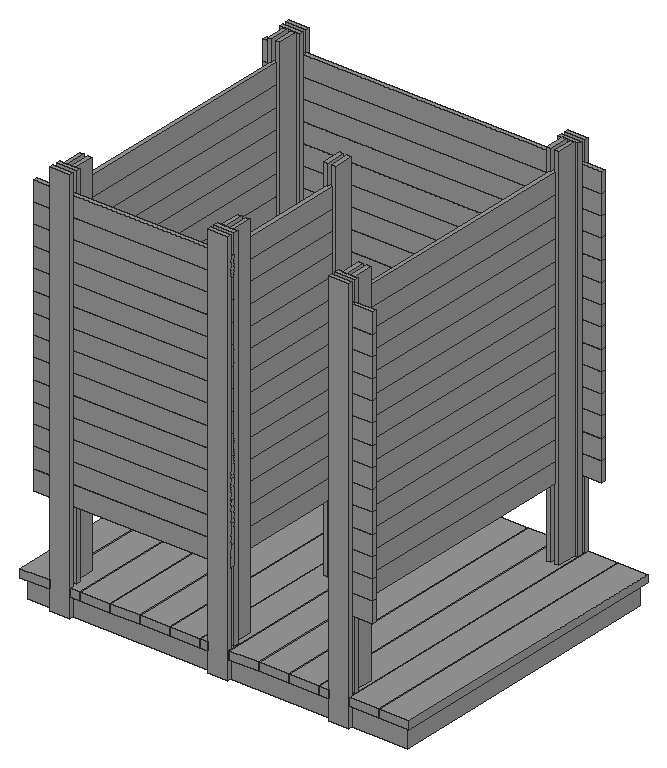
Revit family "11837 Пляжная раздевалка «Комфорт» Хоббика", category Антураж, Revit 2018
Family settings
  На основе рабочей плоскости = Нет
  Всегда вертикально = Да
  При загрузке вырезать с полостями = Нет
  Источник визуального образа = Геометрия семейства
  Общий = Нет
  Точка расчета площади = Нет
Parameters (values of type "Пляжная раздевалка «Комфорт»")
  Ширина = 1500 mm  # constant formula
  Цвет отделки = Ангарская сосна светлая
  Цвет основания = Ангарская сосна темная
  Цвет опор = Сталь
  Описание = "Пляжная раздевалка «Комфорт». Версия Ангарская сосна 2,0 м"  # constant formula
  Материал изделия = "Сталь, дерево"  # constant formula
  Изображение типоразмера = Пляжная раздевалка «Комфорт» Арт 11837.jpg
  Изготовитель = "ООО «Хоббика»"  # constant formula
  Длина = 1950 mm  # constant formula
  Группа модели = "Лежаки и шезлонги"  # constant formula
  Высота = 2000 mm  # constant formula
  Артикул товара = "Арт. 11837"  # constant formula
  URL = "https://hobbyka.ru/product/plyazhnaya_razdevalka_komfort"
Reference planes
  plane 1 "По центру (Вперед/Назад)": y = 0
  plane 2: z = 0
  plane 3 "По центру (Влево/Вправо)": x = 0
  plane 4: x = 1950
  plane 5: y = 1500
  plane 6: z = 2000
Forms (mm)
  Extrusion 1, solid, material "Ангарская сосна темная" <- "Цвет основания"
    sketch origin (0, 0, 0) x (1, 0, 0) y (0, 1, 0)
      loop
        line (0, 1500) -> (0, 0) -> (150, 0) -> (150, 1500) -> (0, 1500)
    from 100 to 140
  Extrusion 2, solid, material "Ангарская сосна темная" <- "Цвет основания"
    sketch origin (150, 0, 0) x (1, 0, 0) y (0, 1, 0)
      loop
        line (100, 1500) -> (100, 1480) -> (0, 1480) -> (0, 20) -> (100, 20) -> (100, 0) -> (150, 0) -> (150, 1500) -> (100, 1500)
    from 100 to 140
  Extrusion 3, solid, material "Ангарская сосна темная" <- "Цвет основания"
    sketch origin (300, 0, 0) x (1, 0, 0) y (0, 1, 0)
      loop
        line (0, 1500) -> (0, 0) -> (150, 0) -> (150, 1500) -> (0, 1500)
    from 100 to 140
  Extrusion 4, solid, material "Ангарская сосна темная" <- "Цвет основания"
    sketch origin (450, 0, 0) x (1, 0, 0) y (0, 1, 0)
      loop
        line (0, 1500) -> (0, 0) -> (150, 0) -> (150, 1500) -> (0, 1500)
    from 100 to 140
  Extrusion 5, solid, material "Ангарская сосна темная" <- "Цвет основания"
    sketch origin (600, 0, 0) x (1, 0, 0) y (0, 1, 0)
      loop
        line (0, 1500) -> (0, 0) -> (150, 0) -> (150, 1500) -> (0, 1500)
    from 100 to 140
  Extrusion 6, solid, material "Ангарская сосна темная" <- "Цвет основания"
    sketch origin (750, 0, 0) x (1, 0, 0) y (0, 1, 0)
      loop
        line (0, 1500) -> (0, 0) -> (150, 0) -> (150, 1500) -> (0, 1500)
    from 100 to 140
  Extrusion 7, solid, material "Ангарская сосна темная" <- "Цвет основания"
    sketch origin (900, 0, 0) x (1, 0, 0) y (0, 1, 0)
      loop
        line (0, 1500) -> (0, 0) -> (42.697, 0) -> (42.697, 20) -> (142.697, 20) -> (142.697, 0) -> (150, 0) -> (150, 1500) -> (0, 1500)
    from 100 to 140
  Extrusion 8, solid, material "Ангарская сосна темная" <- "Цвет основания"
    sketch origin (1050, 0, 0) x (1, 0, 0) y (0, 1, 0)
      loop
        line (0, 1500) -> (0, 0) -> (150, 0) -> (150, 1500) -> (0, 1500)
    from 100 to 140
  Extrusion 9, solid, material "Ангарская сосна темная" <- "Цвет основания"
    sketch origin (1200, 0, 0) x (1, 0, 0) y (0, 1, 0)
      loop
        line (0, 1500) -> (0, 0) -> (150, 0) -> (150, 1500) -> (0, 1500)
    from 100 to 140
  Extrusion 10, solid, material "Ангарская сосна темная" <- "Цвет основания"
    sketch origin (1350, 0, 0) x (1, 0, 0) y (0, 1, 0)
      loop
        line (0, 1500) -> (0, 0) -> (150, 0) -> (150, 1500) -> (0, 1500)
    from 100 to 140
  Extrusion 11, solid, material "Ангарская сосна темная" <- "Цвет основания"
    sketch origin (1500, 0, 0) x (1, 0, 0) y (0, 1, 0)
      loop
        line (0, 1500) -> (0, 0) -> (50, 0) -> (50, 20) -> (150, 20) -> (150, 1480) -> (50, 1480) -> (50, 1500) -> (0, 1500)
    from 100 to 140
  Extrusion 12, solid, material "Ангарская сосна темная" <- "Цвет основания"
    sketch origin (1650, 0, 0) x (1, 0, 0) y (0, 1, 0)
      loop
        line (0, 1500) -> (0, 0) -> (150, 0) -> (150, 1500) -> (0, 1500)
    from 100 to 140
  Extrusion 13, solid, material "Ангарская сосна темная" <- "Цвет основания"
    sketch origin (1800, 0, 0) x (1, 0, 0) y (0, 1, 0)
      loop
        line (0, 1500) -> (0, 0) -> (150, 0) -> (150, 1500) -> (0, 1500)
    from 100 to 140
  Extrusion 14, solid, material "Ангарская сосна светлая" <- "Цвет отделки"
    sketch origin (0, 0, 0) x (1, 0, 0) y (0, 1, 0)
      loop
        line (20, 1480) -> (20, 20) -> (1930, 20) -> (1930, 1480) -> (20, 1480)
    from 0 to 100
  Extrusion 15, solid, material "Сталь" <- "Цвет опор"
    sketch origin (0, 0, 0) x (1, 0, 0) y (0, 1, 0)
      loop
        line (150, 1500) -> (150, 1480) -> (250, 1480) -> (250, 1500) -> (150, 1500)
      loop
        line (1550, 1500) -> (1550, 1480) -> (1650, 1480) -> (1650, 1500) -> (1550, 1500)
      loop
        line (1550, 20) -> (1550, 0) -> (1650, 0) -> (1650, 20) -> (1550, 20)
      loop
        line (942.697, 20) -> (942.697, 0) -> (1042.697, 0) -> (1042.697, 20) -> (942.697, 20)
      loop
        line (150, 20) -> (150, 0) -> (250, 0) -> (250, 20) -> (150, 20)
    from 0 to 2000
  Extrusion 16, solid, material "Сталь" <- "Цвет опор"
    sketch origin (0, 0, 0) x (1, 0, 0) y (0, 1, 0)
      loop
        line (150, 1460) -> (150, 1440) -> (250, 1440) -> (250, 1460) -> (150, 1460)
      loop
        line (150, 60) -> (150, 40) -> (250, 40) -> (250, 60) -> (150, 60)
      loop
        line (942.697, 60) -> (942.697, 40) -> (1042.697, 40) -> (1042.697, 60) -> (942.697, 60)
      loop
        line (1550, 60) -> (1550, 40) -> (1650, 40) -> (1650, 60) -> (1550, 60)
      loop
        line (1550, 1460) -> (1550, 1440) -> (1650, 1440) -> (1650, 1460) -> (1550, 1460)
    from 140 to 2000
  Extrusion 17, solid, material "Сталь" <- "Цвет опор"
    sketch origin (0, 0, 0) x (1, 0, 0) y (0, 1, 0)
      loop
        line (170, 1440) -> (170, 1340) -> (190, 1340) -> (190, 1440) -> (170, 1440)
      loop
        line (210, 1440) -> (210, 1340) -> (230, 1340) -> (230, 1440) -> (210, 1440)
      loop
        line (170, 160) -> (170, 60) -> (190, 60) -> (190, 160) -> (170, 160)
      loop
        line (210, 160) -> (210, 60) -> (230, 60) -> (230, 160) -> (210, 160)
      loop
        line (962.697, 160) -> (962.697, 60) -> (982.697, 60) -> (982.697, 160) -> (962.697, 160)
      loop
        line (1002.697, 160) -> (1002.697, 60) -> (1022.697, 60) -> (1022.697, 160) -> (1002.697, 160)
      loop
        line (962.697, 800) -> (962.697, 700) -> (982.697, 700) -> (982.697, 800) -> (962.697, 800)
      loop
        line (1002.697, 800) -> (1002.697, 700) -> (1022.697, 700) -> (1022.697, 800) -> (1002.697, 800)
      loop
        line (1572.697, 160) -> (1572.697, 60) -> (1592.697, 60) -> (1592.697, 160) -> (1572.697, 160)
      loop
        line (1612.697, 160) -> (1612.697, 60) -> (1632.697, 60) -> (1632.697, 160) -> (1612.697, 160)
      loop
        line (1572.697, 1440) -> (1572.697, 1340) -> (1592.697, 1340) -> (1592.697, 1440) -> (1572.697, 1440)
      loop
        line (1612.697, 1440) -> (1612.697, 1340) -> (1632.697, 1340) -> (1632.697, 1440) -> (1612.697, 1440)
    from 140 to 2000
  Extrusion 18, solid, material "Ангарская сосна светлая" <- "Цвет отделки"
    sketch origin (0, 0, 0) x (0, 1, 0) y (0, 0, 1)
      loop
        line (1460, 600) -> (1460, 500) -> (1480, 500) -> (1480, 600) -> (1460, 600)
    from 52.697 to 1752.697
  Extrusion 19, solid, material "Ангарская сосна светлая" <- "Цвет отделки"
    sketch origin (0, 0, 100) x (0, 1, 0) y (0, 0, 1)
      loop
        line (1460, 600) -> (1460, 500) -> (1480, 500) -> (1480, 600) -> (1460, 600)
    from 52.697 to 1752.697
  Extrusion 20, solid, material "Ангарская сосна светлая" <- "Цвет отделки"
    sketch origin (0, 0, 200) x (0, 1, 0) y (0, 0, 1)
      loop
        line (1460, 600) -> (1460, 500) -> (1480, 500) -> (1480, 600) -> (1460, 600)
    from 52.697 to 1752.697
  Extrusion 21, solid, material "Ангарская сосна светлая" <- "Цвет отделки"
    sketch origin (0, 0, 300) x (0, 1, 0) y (0, 0, 1)
      loop
        line (1460, 600) -> (1460, 500) -> (1480, 500) -> (1480, 600) -> (1460, 600)
    from 52.697 to 1752.697
  Extrusion 22, solid, material "Ангарская сосна светлая" <- "Цвет отделки"
    sketch origin (0, 0, 400) x (0, 1, 0) y (0, 0, 1)
      loop
        line (1460, 600) -> (1460, 500) -> (1480, 500) -> (1480, 600) -> (1460, 600)
    from 52.697 to 1752.697
  Extrusion 23, solid, material "Ангарская сосна светлая" <- "Цвет отделки"
    sketch origin (0, 0, 500) x (0, 1, 0) y (0, 0, 1)
      loop
        line (1460, 600) -> (1460, 500) -> (1480, 500) -> (1480, 600) -> (1460, 600)
    from 52.697 to 1752.697
  Extrusion 24, solid, material "Ангарская сосна светлая" <- "Цвет отделки"
    sketch origin (0, 0, 600) x (0, 1, 0) y (0, 0, 1)
      loop
        line (1460, 600) -> (1460, 500) -> (1480, 500) -> (1480, 600) -> (1460, 600)
    from 52.697 to 1752.697
  Extrusion 25, solid, material "Ангарская сосна светлая" <- "Цвет отделки"
    sketch origin (0, 0, 700) x (0, 1, 0) y (0, 0, 1)
      loop
        line (1460, 600) -> (1460, 500) -> (1480, 500) -> (1480, 600) -> (1460, 600)
    from 52.697 to 1752.697
  Extrusion 26, solid, material "Ангарская сосна светлая" <- "Цвет отделки"
    sketch origin (0, 0, 800) x (0, 1, 0) y (0, 0, 1)
      loop
        line (1460, 600) -> (1460, 500) -> (1480, 500) -> (1480, 600) -> (1460, 600)
    from 52.697 to 1752.697
  Extrusion 27, solid, material "Ангарская сосна светлая" <- "Цвет отделки"
    sketch origin (0, 0, 900) x (0, 1, 0) y (0, 0, 1)
      loop
        line (1460, 600) -> (1460, 500) -> (1480, 500) -> (1480, 600) -> (1460, 600)
    from 52.697 to 1752.697
  Extrusion 28, solid, material "Ангарская сосна светлая" <- "Цвет отделки"
    sketch origin (0, 0, 1000) x (0, 1, 0) y (0, 0, 1)
      loop
        line (1460, 600) -> (1460, 500) -> (1480, 500) -> (1480, 600) -> (1460, 600)
    from 52.697 to 1752.697
  Extrusion 29, solid, material "Ангарская сосна светлая" <- "Цвет отделки"
    sketch origin (0, 0, 1100) x (0, 1, 0) y (0, 0, 1)
      loop
        line (1460, 600) -> (1460, 500) -> (1480, 500) -> (1480, 600) -> (1460, 600)
    from 52.697 to 1752.697
  Extrusion 30, solid, material "Ангарская сосна светлая" <- "Цвет отделки"
    sketch origin (0, 0, 1200) x (0, 1, 0) y (0, 0, 1)
      loop
        line (1460, 600) -> (1460, 500) -> (1480, 500) -> (1480, 600) -> (1460, 600)
    from 52.697 to 1752.697
  Extrusion 31, solid, material "Ангарская сосна светлая" <- "Цвет отделки"
    sketch origin (0, 0, 1300) x (0, 1, 0) y (0, 0, 1)
      loop
        line (1460, 600) -> (1460, 500) -> (1480, 500) -> (1480, 600) -> (1460, 600)
    from 52.697 to 1752.697
  Extrusion 32, solid, material "Ангарская сосна светлая" <- "Цвет отделки"
    sketch origin (0, -1440, 1300) x (0, 1, 0) y (0, 0, 1)
      loop
        line (1460, 600) -> (1460, 500) -> (1480, 500) -> (1480, 600) -> (1460, 600)
    from 52.697 to 1042.697
  Extrusion 33, solid, material "Ангарская сосна светлая" <- "Цвет отделки"
    sketch origin (0, -1440, 1300) x (0, 1, 0) y (0, 0, 1)
      loop
        line (1460, 600) -> (1460, 500) -> (1480, 500) -> (1480, 600) -> (1460, 600)
    from 1550 to 1752.697
  Extrusion 34, solid, material "Ангарская сосна светлая" <- "Цвет отделки"
    sketch origin (1670, -312.697, 1300) x (-1, 0, 0) y (0, 0, 1)
      loop
        line (1460, 600) -> (1460, 500) -> (1480, 500) -> (1480, 600) -> (1460, 600)
    from 372.697 to 1752.697
  Extrusion 35, solid, material "Ангарская сосна светлая" <- "Цвет отделки"
    sketch origin (2462.697, -312.697, 1300) x (-1, 0, 0) y (0, 0, 1)
      loop
        line (1460, 600) -> (1460, 500) -> (1480, 500) -> (1480, 600) -> (1460, 600)
    from 372.697 to 1112.697
  Extrusion 36, solid, material "Ангарская сосна светлая" <- "Цвет отделки"
    sketch origin (0, -1440, 1200) x (0, 1, 0) y (0, 0, 1)
      loop
        line (1460, 600) -> (1460, 500) -> (1480, 500) -> (1480, 600) -> (1460, 600)
    from 52.697 to 1042.697
  Extrusion 37, solid, material "Ангарская сосна светлая" <- "Цвет отделки"
    sketch origin (0, -1440, 1200) x (0, 1, 0) y (0, 0, 1)
      loop
        line (1460, 600) -> (1460, 500) -> (1480, 500) -> (1480, 600) -> (1460, 600)
    from 1550 to 1752.697
  Extrusion 38, solid, material "Ангарская сосна светлая" <- "Цвет отделки"
    sketch origin (1670, -312.697, 1200) x (-1, 0, 0) y (0, 0, 1)
      loop
        line (1460, 600) -> (1460, 500) -> (1480, 500) -> (1480, 600) -> (1460, 600)
    from 372.697 to 1752.697
  Extrusion 39, solid, material "Ангарская сосна светлая" <- "Цвет отделки"
    sketch origin (2462.697, -312.697, 1200) x (-1, 0, 0) y (0, 0, 1)
      loop
        line (1460, 600) -> (1460, 500) -> (1480, 500) -> (1480, 600) -> (1460, 600)
    from 372.697 to 1112.697
  Extrusion 40, solid, material "Ангарская сосна светлая" <- "Цвет отделки"
    sketch origin (0, -1440, 1100) x (0, 1, 0) y (0, 0, 1)
      loop
        line (1460, 600) -> (1460, 500) -> (1480, 500) -> (1480, 600) -> (1460, 600)
    from 52.697 to 1042.697
  Extrusion 41, solid, material "Ангарская сосна светлая" <- "Цвет отделки"
    sketch origin (0, -1440, 1100) x (0, 1, 0) y (0, 0, 1)
      loop
        line (1460, 600) -> (1460, 500) -> (1480, 500) -> (1480, 600) -> (1460, 600)
    from 1550 to 1752.697
  Extrusion 42, solid, material "Ангарская сосна светлая" <- "Цвет отделки"
    sketch origin (1670, -312.697, 1100) x (-1, 0, 0) y (0, 0, 1)
      loop
        line (1460, 600) -> (1460, 500) -> (1480, 500) -> (1480, 600) -> (1460, 600)
    from 372.697 to 1752.697
  Extrusion 43, solid, material "Ангарская сосна светлая" <- "Цвет отделки"
    sketch origin (2462.697, -312.697, 1100) x (-1, 0, 0) y (0, 0, 1)
      loop
        line (1460, 600) -> (1460, 500) -> (1480, 500) -> (1480, 600) -> (1460, 600)
    from 372.697 to 1112.697
  Extrusion 44, solid, material "Ангарская сосна светлая" <- "Цвет отделки"
    sketch origin (0, -1440, 1000) x (0, 1, 0) y (0, 0, 1)
      loop
        line (1460, 600) -> (1460, 500) -> (1480, 500) -> (1480, 600) -> (1460, 600)
    from 52.697 to 1042.697
  Extrusion 45, solid, material "Ангарская сосна светлая" <- "Цвет отделки"
    sketch origin (0, -1440, 1000) x (0, 1, 0) y (0, 0, 1)
      loop
        line (1460, 600) -> (1460, 500) -> (1480, 500) -> (1480, 600) -> (1460, 600)
    from 1550 to 1752.697
  Extrusion 46, solid, material "Ангарская сосна светлая" <- "Цвет отделки"
    sketch origin (1670, -312.697, 1000) x (-1, 0, 0) y (0, 0, 1)
      loop
        line (1460, 600) -> (1460, 500) -> (1480, 500) -> (1480, 600) -> (1460, 600)
    from 372.697 to 1752.697
  Extrusion 47, solid, material "Ангарская сосна светлая" <- "Цвет отделки"
    sketch origin (2462.697, -312.697, 1000) x (-1, 0, 0) y (0, 0, 1)
      loop
        line (1460, 600) -> (1460, 500) -> (1480, 500) -> (1480, 600) -> (1460, 600)
    from 372.697 to 1112.697
  Extrusion 48, solid, material "Ангарская сосна светлая" <- "Цвет отделки"
    sketch origin (0, -1440, 900) x (0, 1, 0) y (0, 0, 1)
      loop
        line (1460, 600) -> (1460, 500) -> (1480, 500) -> (1480, 600) -> (1460, 600)
    from 52.697 to 1042.697
  Extrusion 49, solid, material "Ангарская сосна светлая" <- "Цвет отделки"
    sketch origin (0, -1440, 900) x (0, 1, 0) y (0, 0, 1)
      loop
        line (1460, 600) -> (1460, 500) -> (1480, 500) -> (1480, 600) -> (1460, 600)
    from 1550 to 1752.697
  Extrusion 50, solid, material "Ангарская сосна светлая" <- "Цвет отделки"
    sketch origin (1670, -312.697, 900) x (-1, 0, 0) y (0, 0, 1)
      loop
        line (1460, 600) -> (1460, 500) -> (1480, 500) -> (1480, 600) -> (1460, 600)
    from 372.697 to 1752.697
  Extrusion 51, solid, material "Ангарская сосна светлая" <- "Цвет отделки"
    sketch origin (2462.697, -312.697, 900) x (-1, 0, 0) y (0, 0, 1)
      loop
        line (1460, 600) -> (1460, 500) -> (1480, 500) -> (1480, 600) -> (1460, 600)
    from 372.697 to 1112.697
  Extrusion 52, solid, material "Ангарская сосна светлая" <- "Цвет отделки"
    sketch origin (0, -1440, 800) x (0, 1, 0) y (0, 0, 1)
      loop
        line (1460, 600) -> (1460, 500) -> (1480, 500) -> (1480, 600) -> (1460, 600)
    from 52.697 to 1042.697
  Extrusion 53, solid, material "Ангарская сосна светлая" <- "Цвет отделки"
    sketch origin (0, -1440, 800) x (0, 1, 0) y (0, 0, 1)
      loop
        line (1460, 600) -> (1460, 500) -> (1480, 500) -> (1480, 600) -> (1460, 600)
    from 1550 to 1752.697
  Extrusion 54, solid, material "Ангарская сосна светлая" <- "Цвет отделки"
    sketch origin (1670, -312.697, 800) x (-1, 0, 0) y (0, 0, 1)
      loop
        line (1460, 600) -> (1460, 500) -> (1480, 500) -> (1480, 600) -> (1460, 600)
    from 372.697 to 1752.697
  Extrusion 55, solid, material "Ангарская сосна светлая" <- "Цвет отделки"
    sketch origin (2462.697, -312.697, 800) x (-1, 0, 0) y (0, 0, 1)
      loop
        line (1460, 600) -> (1460, 500) -> (1480, 500) -> (1480, 600) -> (1460, 600)
    from 372.697 to 1112.697
  Extrusion 56, solid, material "Ангарская сосна светлая" <- "Цвет отделки"
    sketch origin (0, -1440, 700) x (0, 1, 0) y (0, 0, 1)
      loop
        line (1460, 600) -> (1460, 500) -> (1480, 500) -> (1480, 600) -> (1460, 600)
    from 52.697 to 1042.697
  Extrusion 57, solid, material "Ангарская сосна светлая" <- "Цвет отделки"
    sketch origin (0, -1440, 700) x (0, 1, 0) y (0, 0, 1)
      loop
        line (1460, 600) -> (1460, 500) -> (1480, 500) -> (1480, 600) -> (1460, 600)
    from 1550 to 1752.697
  Extrusion 58, solid, material "Ангарская сосна светлая" <- "Цвет отделки"
    sketch origin (1670, -312.697, 700) x (-1, 0, 0) y (0, 0, 1)
      loop
        line (1460, 600) -> (1460, 500) -> (1480, 500) -> (1480, 600) -> (1460, 600)
    from 372.697 to 1752.697
  Extrusion 59, solid, material "Ангарская сосна светлая" <- "Цвет отделки"
    sketch origin (2462.697, -312.697, 700) x (-1, 0, 0) y (0, 0, 1)
      loop
        line (1460, 600) -> (1460, 500) -> (1480, 500) -> (1480, 600) -> (1460, 600)
    from 372.697 to 1112.697
  Extrusion 60, solid, material "Ангарская сосна светлая" <- "Цвет отделки"
    sketch origin (0, -1440, 600) x (0, 1, 0) y (0, 0, 1)
      loop
        line (1460, 600) -> (1460, 500) -> (1480, 500) -> (1480, 600) -> (1460, 600)
    from 52.697 to 1042.697
  Extrusion 61, solid, material "Ангарская сосна светлая" <- "Цвет отделки"
    sketch origin (0, -1440, 600) x (0, 1, 0) y (0, 0, 1)
      loop
        line (1460, 600) -> (1460, 500) -> (1480, 500) -> (1480, 600) -> (1460, 600)
    from 1550 to 1752.697
  Extrusion 62, solid, material "Ангарская сосна светлая" <- "Цвет отделки"
    sketch origin (1670, -312.697, 600) x (-1, 0, 0) y (0, 0, 1)
      loop
        line (1460, 600) -> (1460, 500) -> (1480, 500) -> (1480, 600) -> (1460, 600)
    from 372.697 to 1752.697
  Extrusion 63, solid, material "Ангарская сосна светлая" <- "Цвет отделки"
    sketch origin (2462.697, -312.697, 600) x (-1, 0, 0) y (0, 0, 1)
      loop
        line (1460, 600) -> (1460, 500) -> (1480, 500) -> (1480, 600) -> (1460, 600)
    from 372.697 to 1112.697
  Extrusion 64, solid, material "Ангарская сосна светлая" <- "Цвет отделки"
    sketch origin (0, -1440, 500) x (0, 1, 0) y (0, 0, 1)
      loop
        line (1460, 600) -> (1460, 500) -> (1480, 500) -> (1480, 600) -> (1460, 600)
    from 52.697 to 1042.697
  Extrusion 65, solid, material "Ангарская сосна светлая" <- "Цвет отделки"
    sketch origin (0, -1440, 500) x (0, 1, 0) y (0, 0, 1)
      loop
        line (1460, 600) -> (1460, 500) -> (1480, 500) -> (1480, 600) -> (1460, 600)
    from 1550 to 1752.697
  Extrusion 66, solid, material "Ангарская сосна светлая" <- "Цвет отделки"
    sketch origin (1670, -312.697, 500) x (-1, 0, 0) y (0, 0, 1)
      loop
        line (1460, 600) -> (1460, 500) -> (1480, 500) -> (1480, 600) -> (1460, 600)
    from 372.697 to 1752.697
  Extrusion 67, solid, material "Ангарская сосна светлая" <- "Цвет отделки"
    sketch origin (2462.697, -312.697, 500) x (-1, 0, 0) y (0, 0, 1)
      loop
        line (1460, 600) -> (1460, 500) -> (1480, 500) -> (1480, 600) -> (1460, 600)
    from 372.697 to 1112.697
  Extrusion 68, solid, material "Ангарская сосна светлая" <- "Цвет отделки"
    sketch origin (0, -1440, 400) x (0, 1, 0) y (0, 0, 1)
      loop
        line (1460, 600) -> (1460, 500) -> (1480, 500) -> (1480, 600) -> (1460, 600)
    from 52.697 to 1042.697
  Extrusion 69, solid, material "Ангарская сосна светлая" <- "Цвет отделки"
    sketch origin (0, -1440, 400) x (0, 1, 0) y (0, 0, 1)
      loop
        line (1460, 600) -> (1460, 500) -> (1480, 500) -> (1480, 600) -> (1460, 600)
    from 1550 to 1752.697
  Extrusion 70, solid, material "Ангарская сосна светлая" <- "Цвет отделки"
    sketch origin (1670, -312.697, 400) x (-1, 0, 0) y (0, 0, 1)
      loop
        line (1460, 600) -> (1460, 500) -> (1480, 500) -> (1480, 600) -> (1460, 600)
    from 372.697 to 1752.697
  Extrusion 71, solid, material "Ангарская сосна светлая" <- "Цвет отделки"
    sketch origin (2462.697, -312.697, 400) x (-1, 0, 0) y (0, 0, 1)
      loop
        line (1460, 600) -> (1460, 500) -> (1480, 500) -> (1480, 600) -> (1460, 600)
    from 372.697 to 1112.697
  Extrusion 72, solid, material "Ангарская сосна светлая" <- "Цвет отделки"
    sketch origin (0, -1440, 300) x (0, 1, 0) y (0, 0, 1)
      loop
        line (1460, 600) -> (1460, 500) -> (1480, 500) -> (1480, 600) -> (1460, 600)
    from 52.697 to 1042.697
  Extrusion 73, solid, material "Ангарская сосна светлая" <- "Цвет отделки"
    sketch origin (0, -1440, 300) x (0, 1, 0) y (0, 0, 1)
      loop
        line (1460, 600) -> (1460, 500) -> (1480, 500) -> (1480, 600) -> (1460, 600)
    from 1550 to 1752.697
  Extrusion 74, solid, material "Ангарская сосна светлая" <- "Цвет отделки"
    sketch origin (1670, -312.697, 300) x (-1, 0, 0) y (0, 0, 1)
      loop
        line (1460, 600) -> (1460, 500) -> (1480, 500) -> (1480, 600) -> (1460, 600)
    from 372.697 to 1752.697
  Extrusion 75, solid, material "Ангарская сосна светлая" <- "Цвет отделки"
    sketch origin (2462.697, -312.697, 300) x (-1, 0, 0) y (0, 0, 1)
      loop
        line (1460, 600) -> (1460, 500) -> (1480, 500) -> (1480, 600) -> (1460, 600)
    from 372.697 to 1112.697
  Extrusion 76, solid, material "Ангарская сосна светлая" <- "Цвет отделки"
    sketch origin (0, -1440, 200) x (0, 1, 0) y (0, 0, 1)
      loop
        line (1460, 600) -> (1460, 500) -> (1480, 500) -> (1480, 600) -> (1460, 600)
    from 52.697 to 1042.697
  Extrusion 77, solid, material "Ангарская сосна светлая" <- "Цвет отделки"
    sketch origin (0, -1440, 200) x (0, 1, 0) y (0, 0, 1)
      loop
        line (1460, 600) -> (1460, 500) -> (1480, 500) -> (1480, 600) -> (1460, 600)
    from 1550 to 1752.697
  Extrusion 78, solid, material "Ангарская сосна светлая" <- "Цвет отделки"
    sketch origin (1670, -312.697, 200) x (-1, 0, 0) y (0, 0, 1)
      loop
        line (1460, 600) -> (1460, 500) -> (1480, 500) -> (1480, 600) -> (1460, 600)
    from 372.697 to 1752.697
  Extrusion 79, solid, material "Ангарская сосна светлая" <- "Цвет отделки"
    sketch origin (2462.697, -312.697, 200) x (-1, 0, 0) y (0, 0, 1)
      loop
        line (1460, 600) -> (1460, 500) -> (1480, 500) -> (1480, 600) -> (1460, 600)
    from 372.697 to 1112.697
  Extrusion 80, solid, material "Ангарская сосна светлая" <- "Цвет отделки"
    sketch origin (0, -1440, 100) x (0, 1, 0) y (0, 0, 1)
      loop
        line (1460, 600) -> (1460, 500) -> (1480, 500) -> (1480, 600) -> (1460, 600)
    from 52.697 to 1042.697
  Extrusion 81, solid, material "Ангарская сосна светлая" <- "Цвет отделки"
    sketch origin (0, -1440, 100) x (0, 1, 0) y (0, 0, 1)
      loop
        line (1460, 600) -> (1460, 500) -> (1480, 500) -> (1480, 600) -> (1460, 600)
    from 1550 to 1752.697
  Extrusion 82, solid, material "Ангарская сосна светлая" <- "Цвет отделки"
    sketch origin (1670, -312.697, 100) x (-1, 0, 0) y (0, 0, 1)
      loop
        line (1460, 600) -> (1460, 500) -> (1480, 500) -> (1480, 600) -> (1460, 600)
    from 372.697 to 1752.697
  Extrusion 83, solid, material "Ангарская сосна светлая" <- "Цвет отделки"
    sketch origin (2462.697, -312.697, 100) x (-1, 0, 0) y (0, 0, 1)
      loop
        line (1460, 600) -> (1460, 500) -> (1480, 500) -> (1480, 600) -> (1460, 600)
    from 372.697 to 1112.697
  Extrusion 84, solid, material "Ангарская сосна светлая" <- "Цвет отделки"
    sketch origin (0, -1440, 0) x (0, 1, 0) y (0, 0, 1)
      loop
        line (1460, 600) -> (1460, 500) -> (1480, 500) -> (1480, 600) -> (1460, 600)
    from 52.697 to 1042.697
  Extrusion 85, solid, material "Ангарская сосна светлая" <- "Цвет отделки"
    sketch origin (0, -1440, 0) x (0, 1, 0) y (0, 0, 1)
      loop
        line (1460, 600) -> (1460, 500) -> (1480, 500) -> (1480, 600) -> (1460, 600)
    from 1550 to 1752.697
  Extrusion 86, solid, material "Ангарская сосна светлая" <- "Цвет отделки"
    sketch origin (1670, -312.697, 0) x (-1, 0, 0) y (0, 0, 1)
      loop
        line (1460, 600) -> (1460, 500) -> (1480, 500) -> (1480, 600) -> (1460, 600)
    from 372.697 to 1752.697
  Extrusion 87, solid, material "Ангарская сосна светлая" <- "Цвет отделки"
    sketch origin (2462.697, -312.697, 0) x (-1, 0, 0) y (0, 0, 1)
      loop
        line (1460, 600) -> (1460, 500) -> (1480, 500) -> (1480, 600) -> (1460, 600)
    from 372.697 to 1112.697
  Extrusion 88, solid, material "Ангарская сосна светлая" <- "Цвет отделки"
    sketch origin (3072.697, -312.697, 1300) x (-1, 0, 0) y (0, 0, 1)
      loop
        line (1460, 600) -> (1460, 500) -> (1480, 500) -> (1480, 600) -> (1460, 600)
    from 372.697 to 1752.697
  Extrusion 89, solid, material "Ангарская сосна светлая" <- "Цвет отделки"
    sketch origin (3072.697, -312.697, 1200) x (-1, 0, 0) y (0, 0, 1)
      loop
        line (1460, 600) -> (1460, 500) -> (1480, 500) -> (1480, 600) -> (1460, 600)
    from 372.697 to 1752.697
  Extrusion 90, solid, material "Ангарская сосна светлая" <- "Цвет отделки"
    sketch origin (3072.697, -312.697, 1100) x (-1, 0, 0) y (0, 0, 1)
      loop
        line (1460, 600) -> (1460, 500) -> (1480, 500) -> (1480, 600) -> (1460, 600)
    from 372.697 to 1752.697
  Extrusion 91, solid, material "Ангарская сосна светлая" <- "Цвет отделки"
    sketch origin (3072.697, -312.697, 1000) x (-1, 0, 0) y (0, 0, 1)
      loop
        line (1460, 600) -> (1460, 500) -> (1480, 500) -> (1480, 600) -> (1460, 600)
    from 372.697 to 1752.697
  Extrusion 92, solid, material "Ангарская сосна светлая" <- "Цвет отделки"
    sketch origin (3072.697, -312.697, 900) x (-1, 0, 0) y (0, 0, 1)
      loop
        line (1460, 600) -> (1460, 500) -> (1480, 500) -> (1480, 600) -> (1460, 600)
    from 372.697 to 1752.697
  Extrusion 93, solid, material "Ангарская сосна светлая" <- "Цвет отделки"
    sketch origin (3072.697, -312.697, 800) x (-1, 0, 0) y (0, 0, 1)
      loop
        line (1460, 600) -> (1460, 500) -> (1480, 500) -> (1480, 600) -> (1460, 600)
    from 372.697 to 1752.697
  Extrusion 94, solid, material "Ангарская сосна светлая" <- "Цвет отделки"
    sketch origin (3072.697, -312.697, 700) x (-1, 0, 0) y (0, 0, 1)
      loop
        line (1460, 600) -> (1460, 500) -> (1480, 500) -> (1480, 600) -> (1460, 600)
    from 372.697 to 1752.697
  Extrusion 95, solid, material "Ангарская сосна светлая" <- "Цвет отделки"
    sketch origin (3072.697, -312.697, 600) x (-1, 0, 0) y (0, 0, 1)
      loop
        line (1460, 600) -> (1460, 500) -> (1480, 500) -> (1480, 600) -> (1460, 600)
    from 372.697 to 1752.697
  Extrusion 96, solid, material "Ангарская сосна светлая" <- "Цвет отделки"
    sketch origin (3072.697, -312.697, 500) x (-1, 0, 0) y (0, 0, 1)
      loop
        line (1460, 600) -> (1460, 500) -> (1480, 500) -> (1480, 600) -> (1460, 600)
    from 372.697 to 1752.697
  Extrusion 97, solid, material "Ангарская сосна светлая" <- "Цвет отделки"
    sketch origin (3072.697, -312.697, 400) x (-1, 0, 0) y (0, 0, 1)
      loop
        line (1460, 600) -> (1460, 500) -> (1480, 500) -> (1480, 600) -> (1460, 600)
    from 372.697 to 1752.697
  Extrusion 98, solid, material "Ангарская сосна светлая" <- "Цвет отделки"
    sketch origin (3072.697, -312.697, 300) x (-1, 0, 0) y (0, 0, 1)
      loop
        line (1460, 600) -> (1460, 500) -> (1480, 500) -> (1480, 600) -> (1460, 600)
    from 372.697 to 1752.697
  Extrusion 99, solid, material "Ангарская сосна светлая" <- "Цвет отделки"
    sketch origin (3072.697, -312.697, 200) x (-1, 0, 0) y (0, 0, 1)
      loop
        line (1460, 600) -> (1460, 500) -> (1480, 500) -> (1480, 600) -> (1460, 600)
    from 372.697 to 1752.697
  Extrusion 100, solid, material "Ангарская сосна светлая" <- "Цвет отделки"
    sketch origin (3072.697, -312.697, 100) x (-1, 0, 0) y (0, 0, 1)
      loop
        line (1460, 600) -> (1460, 500) -> (1480, 500) -> (1480, 600) -> (1460, 600)
    from 372.697 to 1752.697
  Extrusion 101, solid, material "Ангарская сосна светлая" <- "Цвет отделки"
    sketch origin (3072.697, -312.697, 0) x (-1, 0, 0) y (0, 0, 1)
      loop
        line (1460, 600) -> (1460, 500) -> (1480, 500) -> (1480, 600) -> (1460, 600)
    from 372.697 to 1752.697
Dimensions and locks
  "Ширина": plane 5 to plane 1 "По центру (Вперед/Назад)"
  "Длина": plane 3 "По центру (Влево/Вправо)" to plane 4
  "Высота": plane 6 to plane 2
  aligned and locked: level to plane 2
Automatic sketch dimensions
  plane 1 "По центру (Вперед/Назад)" to Extrusion 1 sketch curve = 0 mm
  Extrusion 1 sketch curve to plane 3 "По центру (Влево/Вправо)" = 0 mm
  Extrusion 1 sketch curve to plane 5 = 0 mm
  plane 3 "По центру (Влево/Вправо)" to Extrusion 1 sketch curve = 150 mm
  plane 1 "По центру (Вперед/Назад)" to Extrusion 2 sketch curve = 0 mm
  Extrusion 2 sketch curve to plane 5 = 0 mm
  Extrusion 2 sketch curve to plane 1 "По центру (Вперед/Назад)" = 20 mm
  plane 3 "По центру (Влево/Вправо)" to Extrusion 2 sketch curve = 150 mm
  Extrusion 2 sketch curve to Extrusion 2 sketch curve = 100 mm  (x2)
  Extrusion 2 sketch curve to plane 5 = 20 mm
  Extrusion 2 sketch curve to Extrusion 2 sketch curve = 50 mm
  plane 1 "По центру (Вперед/Назад)" to Extrusion 3 sketch curve = 0 mm
  Extrusion 3 sketch curve to plane 5 = 0 mm
  plane 3 "По центру (Влево/Вправо)" to Extrusion 3 sketch curve = 300 mm
  Extrusion 3 sketch curve to Extrusion 3 sketch curve = 150 mm
  plane 1 "По центру (Вперед/Назад)" to Extrusion 4 sketch curve = 0 mm
  Extrusion 4 sketch curve to plane 5 = 0 mm
  plane 3 "По центру (Влево/Вправо)" to Extrusion 4 sketch curve = 450 mm
  Extrusion 4 sketch curve to Extrusion 4 sketch curve = 150 mm
  plane 1 "По центру (Вперед/Назад)" to Extrusion 5 sketch curve = 0 mm
  Extrusion 5 sketch curve to plane 5 = 0 mm
  plane 3 "По центру (Влево/Вправо)" to Extrusion 5 sketch curve = 600 mm
  Extrusion 5 sketch curve to Extrusion 5 sketch curve = 150 mm
  plane 1 "По центру (Вперед/Назад)" to Extrusion 6 sketch curve = 0 mm
  Extrusion 6 sketch curve to plane 5 = 0 mm
  plane 3 "По центру (Влево/Вправо)" to Extrusion 6 sketch curve = 750 mm
  Extrusion 6 sketch curve to Extrusion 6 sketch curve = 150 mm
  Extrusion 7 sketch curve to plane 5 = 0 mm
  plane 1 "По центру (Вперед/Назад)" to Extrusion 7 sketch curve = 0 mm  (x2)
  plane 3 "По центру (Влево/Вправо)" to Extrusion 7 sketch curve = 900 mm
  Extrusion 7 sketch curve to Extrusion 7 sketch curve = 42.697 mm
  Extrusion 7 sketch curve to Extrusion 7 sketch curve = 100 mm
  Extrusion 7 sketch curve to Extrusion 7 sketch curve = 7.303 mm
  Extrusion 7 sketch curve to plane 1 "По центру (Вперед/Назад)" = 20 mm
  plane 1 "По центру (Вперед/Назад)" to Extrusion 8 sketch curve = 0 mm
  Extrusion 8 sketch curve to plane 5 = 0 mm
  Extrusion 8 sketch curve to plane 4 = 900 mm
  Extrusion 8 sketch curve to Extrusion 8 sketch curve = 150 mm
  plane 1 "По центру (Вперед/Назад)" to Extrusion 9 sketch curve = 0 mm
  Extrusion 9 sketch curve to plane 5 = 0 mm
  Extrusion 9 sketch curve to plane 4 = 750 mm
  Extrusion 9 sketch curve to Extrusion 9 sketch curve = 150 mm
  plane 1 "По центру (Вперед/Назад)" to Extrusion 10 sketch curve = 0 mm
  Extrusion 10 sketch curve to plane 5 = 0 mm
  Extrusion 10 sketch curve to plane 4 = 600 mm
  Extrusion 10 sketch curve to Extrusion 10 sketch curve = 150 mm
  plane 1 "По центру (Вперед/Назад)" to Extrusion 11 sketch curve = 0 mm
  Extrusion 11 sketch curve to plane 5 = 0 mm
  Extrusion 11 sketch curve to plane 4 = 450 mm
  Extrusion 11 sketch curve to Extrusion 11 sketch curve = 50 mm  (x2)
  Extrusion 11 sketch curve to plane 5 = 20 mm
  Extrusion 11 sketch curve to Extrusion 11 sketch curve = 100 mm
  Extrusion 11 sketch curve to plane 1 "По центру (Вперед/Назад)" = 20 mm
  plane 1 "По центру (Вперед/Назад)" to Extrusion 12 sketch curve = 0 mm
  Extrusion 12 sketch curve to plane 5 = 0 mm
  Extrusion 12 sketch curve to plane 4 = 300 mm
  Extrusion 12 sketch curve to plane 4 = 150 mm
  plane 1 "По центру (Вперед/Назад)" to Extrusion 13 sketch curve = 0 mm
  Extrusion 13 sketch curve to plane 5 = 0 mm
  Extrusion 13 sketch curve to plane 4 = 0 mm
  Extrusion 13 sketch curve to Extrusion 13 sketch curve = 150 mm
  plane 3 "По центру (Влево/Вправо)" to Extrusion 14 sketch curve = 20 mm
  Extrusion 14 sketch curve to plane 4 = 20 mm
  Extrusion 14 sketch curve to plane 1 "По центру (Вперед/Назад)" = 20 mm
  Extrusion 14 sketch curve to plane 5 = 20 mm
  Extrusion 15 sketch curve to plane 5 = 0 mm  (x2)
  plane 1 "По центру (Вперед/Назад)" to Extrusion 15 sketch curve = 0 mm  (x3)
  plane 3 "По центру (Влево/Вправо)" to Extrusion 15 sketch curve = 150 mm  (x2)
  Extrusion 15 sketch curve to Extrusion 15 sketch curve = 100 mm  (x5)
  Extrusion 15 sketch curve to Extrusion 15 sketch curve = 692.697 mm
  Extrusion 15 sketch curve to plane 1 "По центру (Вперед/Назад)" = 20 mm  (x3)
  Extrusion 15 sketch curve to plane 4 = 400 mm  (x2)
  Extrusion 15 sketch curve to plane 5 = 20 mm  (x2)
  Extrusion 16 sketch curve to plane 5 = 40 mm  (x2)
  plane 3 "По центру (Влево/Вправо)" to Extrusion 16 sketch curve = 150 mm  (x2)
  Extrusion 16 sketch curve to plane 1 "По центру (Вперед/Назад)" = 40 mm  (x2)
  Extrusion 16 sketch curve to Extrusion 16 sketch curve = 100 mm  (x5)
  Extrusion 16 sketch curve to Extrusion 16 sketch curve = 692.697 mm
  Extrusion 16 sketch curve to plane 1 "По центру (Вперед/Назад)" = 60 mm
  Extrusion 16 sketch curve to plane 4 = 400 mm  (x2)
  Extrusion 16 sketch curve to plane 5 = 60 mm
  Extrusion 16 sketch curve to Extrusion 16 sketch curve = 20 mm  (x4)
  Extrusion 17 sketch curve to plane 5 = 60 mm  (x2)
  plane 3 "По центру (Влево/Вправо)" to Extrusion 17 sketch curve = 170 mm  (x2)
  Extrusion 17 sketch curve to plane 1 "По центру (Вперед/Назад)" = 60 mm  (x3)
  Extrusion 17 sketch curve to Extrusion 17 sketch curve = 20 mm  (x18)
  Extrusion 17 sketch curve to plane 1 "По центру (Вперед/Назад)" = 160 mm  (x2)
  Extrusion 17 sketch curve to Extrusion 17 sketch curve = 732.697 mm
  Extrusion 17 sketch curve to Extrusion 17 sketch curve = 0 mm  (x13)
  Extrusion 17 sketch curve to plane 4 = 377.303 mm  (x2)
  Extrusion 17 sketch curve to plane 5 = 160 mm
  Extrusion 17 sketch curve to Extrusion 17 sketch curve = 100 mm  (x3)
  Extrusion 17 sketch curve to Extrusion 17 sketch curve = 540 mm
  Extrusion 18 sketch curve to plane 5 = 40 mm
  Extrusion 18 sketch curve to plane 5 = 20 mm
  level to Extrusion 18 sketch curve = 500 mm
  Extrusion 18 sketch curve to Extrusion 18 sketch curve = 100 mm
  Extrusion 19 sketch curve to plane 5 = 40 mm
  Extrusion 19 sketch curve to plane 5 = 20 mm
  level to Extrusion 19 sketch curve = 600 mm
  Extrusion 19 sketch curve to Extrusion 19 sketch curve = 100 mm
  Extrusion 20 sketch curve to plane 5 = 40 mm
  Extrusion 20 sketch curve to plane 5 = 20 mm
  level to Extrusion 20 sketch curve = 700 mm
  Extrusion 20 sketch curve to Extrusion 20 sketch curve = 100 mm
  Extrusion 21 sketch curve to plane 5 = 40 mm
  Extrusion 21 sketch curve to plane 5 = 20 mm
  level to Extrusion 21 sketch curve = 800 mm
  Extrusion 21 sketch curve to Extrusion 21 sketch curve = 100 mm
  Extrusion 22 sketch curve to plane 5 = 40 mm
  Extrusion 22 sketch curve to plane 5 = 20 mm
  level to Extrusion 22 sketch curve = 900 mm
  Extrusion 22 sketch curve to Extrusion 22 sketch curve = 100 mm
  Extrusion 23 sketch curve to plane 5 = 40 mm
  Extrusion 23 sketch curve to plane 5 = 20 mm
  level to Extrusion 23 sketch curve = 1000 mm
  Extrusion 23 sketch curve to Extrusion 23 sketch curve = 100 mm
  Extrusion 24 sketch curve to plane 5 = 40 mm
  Extrusion 24 sketch curve to plane 5 = 20 mm
  Extrusion 24 sketch curve to plane 6 = 900 mm
  Extrusion 24 sketch curve to Extrusion 24 sketch curve = 100 mm
  Extrusion 25 sketch curve to plane 5 = 40 mm
  Extrusion 25 sketch curve to plane 5 = 20 mm
  Extrusion 25 sketch curve to plane 6 = 800 mm
  Extrusion 25 sketch curve to Extrusion 25 sketch curve = 100 mm
  Extrusion 26 sketch curve to plane 5 = 40 mm
  Extrusion 26 sketch curve to plane 5 = 20 mm
  Extrusion 26 sketch curve to plane 6 = 700 mm
  Extrusion 26 sketch curve to Extrusion 26 sketch curve = 100 mm
  Extrusion 27 sketch curve to plane 5 = 40 mm
  Extrusion 27 sketch curve to plane 5 = 20 mm
  Extrusion 27 sketch curve to plane 6 = 600 mm
  Extrusion 27 sketch curve to Extrusion 27 sketch curve = 100 mm
  Extrusion 28 sketch curve to plane 5 = 40 mm
  Extrusion 28 sketch curve to plane 5 = 20 mm
  Extrusion 28 sketch curve to plane 6 = 500 mm
  Extrusion 28 sketch curve to Extrusion 28 sketch curve = 100 mm
  Extrusion 29 sketch curve to plane 5 = 40 mm
  Extrusion 29 sketch curve to plane 5 = 20 mm
  Extrusion 29 sketch curve to plane 6 = 400 mm
  Extrusion 29 sketch curve to Extrusion 29 sketch curve = 100 mm
  Extrusion 30 sketch curve to plane 5 = 40 mm
  Extrusion 30 sketch curve to plane 5 = 20 mm
  Extrusion 30 sketch curve to plane 6 = 300 mm
  Extrusion 30 sketch curve to Extrusion 30 sketch curve = 100 mm
  Extrusion 31 sketch curve to plane 5 = 40 mm
  Extrusion 31 sketch curve to plane 5 = 20 mm
  Extrusion 31 sketch curve to plane 6 = 200 mm
  Extrusion 31 sketch curve to plane 6 = 100 mm
  Extrusion 32 sketch curve to plane 1 "По центру (Вперед/Назад)" = 20 mm
  Extrusion 32 sketch curve to Extrusion 32 sketch curve = 20 mm
  Extrusion 32 sketch curve to plane 6 = 200 mm
  Extrusion 32 sketch curve to plane 6 = 100 mm
  Extrusion 33 sketch curve to plane 1 "По центру (Вперед/Назад)" = 20 mm
  Extrusion 33 sketch curve to Extrusion 33 sketch curve = 20 mm
  Extrusion 33 sketch curve to plane 6 = 200 mm
  Extrusion 33 sketch curve to plane 6 = 100 mm
  plane 3 "По центру (Влево/Вправо)" to Extrusion 34 sketch curve = 210 mm
  Extrusion 34 sketch curve to Extrusion 34 sketch curve = 20 mm
  Extrusion 34 sketch curve to plane 6 = 200 mm
  Extrusion 34 sketch curve to plane 6 = 100 mm
  Extrusion 35 sketch curve to plane 6 = 200 mm
  Extrusion 35 sketch curve to plane 4 = 947.303 mm
  Extrusion 35 sketch curve to Extrusion 35 sketch curve = 20 mm
  Extrusion 35 sketch curve to plane 6 = 100 mm
  Extrusion 36 sketch curve to plane 1 "По центру (Вперед/Назад)" = 20 mm
  Extrusion 36 sketch curve to Extrusion 36 sketch curve = 20 mm
  Extrusion 36 sketch curve to plane 6 = 300 mm
  Extrusion 36 sketch curve to Extrusion 36 sketch curve = 100 mm
  Extrusion 37 sketch curve to plane 1 "По центру (Вперед/Назад)" = 20 mm
  Extrusion 37 sketch curve to Extrusion 37 sketch curve = 20 mm
  Extrusion 37 sketch curve to plane 6 = 300 mm
  Extrusion 37 sketch curve to Extrusion 37 sketch curve = 100 mm
  plane 3 "По центру (Влево/Вправо)" to Extrusion 38 sketch curve = 210 mm
  Extrusion 38 sketch curve to Extrusion 38 sketch curve = 20 mm
  Extrusion 38 sketch curve to plane 6 = 300 mm
  Extrusion 38 sketch curve to Extrusion 38 sketch curve = 100 mm
  Extrusion 39 sketch curve to plane 6 = 300 mm
  Extrusion 39 sketch curve to plane 4 = 947.303 mm
  Extrusion 39 sketch curve to Extrusion 39 sketch curve = 20 mm
  Extrusion 39 sketch curve to Extrusion 39 sketch curve = 100 mm
  Extrusion 40 sketch curve to plane 1 "По центру (Вперед/Назад)" = 20 mm
  Extrusion 40 sketch curve to Extrusion 40 sketch curve = 20 mm
  Extrusion 40 sketch curve to plane 6 = 400 mm
  Extrusion 40 sketch curve to Extrusion 40 sketch curve = 100 mm
  Extrusion 41 sketch curve to plane 1 "По центру (Вперед/Назад)" = 20 mm
  Extrusion 41 sketch curve to Extrusion 41 sketch curve = 20 mm
  Extrusion 41 sketch curve to plane 6 = 400 mm
  Extrusion 41 sketch curve to Extrusion 41 sketch curve = 100 mm
  plane 3 "По центру (Влево/Вправо)" to Extrusion 42 sketch curve = 210 mm
  Extrusion 42 sketch curve to Extrusion 42 sketch curve = 20 mm
  Extrusion 42 sketch curve to plane 6 = 400 mm
  Extrusion 42 sketch curve to Extrusion 42 sketch curve = 100 mm
  Extrusion 43 sketch curve to plane 6 = 400 mm
  Extrusion 43 sketch curve to plane 4 = 947.303 mm
  Extrusion 43 sketch curve to Extrusion 43 sketch curve = 20 mm
  Extrusion 43 sketch curve to Extrusion 43 sketch curve = 100 mm
  Extrusion 44 sketch curve to plane 1 "По центру (Вперед/Назад)" = 20 mm
  Extrusion 44 sketch curve to Extrusion 44 sketch curve = 20 mm
  Extrusion 44 sketch curve to plane 6 = 500 mm
  Extrusion 44 sketch curve to Extrusion 44 sketch curve = 100 mm
  Extrusion 45 sketch curve to plane 1 "По центру (Вперед/Назад)" = 20 mm
  Extrusion 45 sketch curve to Extrusion 45 sketch curve = 20 mm
  Extrusion 45 sketch curve to plane 6 = 500 mm
  Extrusion 45 sketch curve to Extrusion 45 sketch curve = 100 mm
  plane 3 "По центру (Влево/Вправо)" to Extrusion 46 sketch curve = 210 mm
  Extrusion 46 sketch curve to Extrusion 46 sketch curve = 20 mm
  Extrusion 46 sketch curve to plane 6 = 500 mm
  Extrusion 46 sketch curve to Extrusion 46 sketch curve = 100 mm
  Extrusion 47 sketch curve to plane 4 = 947.303 mm
  Extrusion 47 sketch curve to Extrusion 47 sketch curve = 20 mm
  Extrusion 47 sketch curve to plane 6 = 500 mm
  Extrusion 47 sketch curve to Extrusion 47 sketch curve = 100 mm
  Extrusion 48 sketch curve to plane 1 "По центру (Вперед/Назад)" = 20 mm
  Extrusion 48 sketch curve to Extrusion 48 sketch curve = 20 mm
  Extrusion 48 sketch curve to plane 6 = 600 mm
  Extrusion 48 sketch curve to Extrusion 48 sketch curve = 100 mm
  Extrusion 49 sketch curve to plane 1 "По центру (Вперед/Назад)" = 20 mm
  Extrusion 49 sketch curve to Extrusion 49 sketch curve = 20 mm
  Extrusion 49 sketch curve to plane 6 = 600 mm
  Extrusion 49 sketch curve to Extrusion 49 sketch curve = 100 mm
  plane 3 "По центру (Влево/Вправо)" to Extrusion 50 sketch curve = 210 mm
  Extrusion 50 sketch curve to Extrusion 50 sketch curve = 20 mm
  Extrusion 50 sketch curve to plane 6 = 600 mm
  Extrusion 50 sketch curve to Extrusion 50 sketch curve = 100 mm
  Extrusion 51 sketch curve to plane 4 = 947.303 mm
  Extrusion 51 sketch curve to Extrusion 51 sketch curve = 20 mm
  Extrusion 51 sketch curve to plane 6 = 600 mm
  Extrusion 51 sketch curve to Extrusion 51 sketch curve = 100 mm
  Extrusion 52 sketch curve to plane 1 "По центру (Вперед/Назад)" = 20 mm
  Extrusion 52 sketch curve to Extrusion 52 sketch curve = 20 mm
  Extrusion 52 sketch curve to plane 6 = 700 mm
  Extrusion 52 sketch curve to Extrusion 52 sketch curve = 100 mm
  Extrusion 53 sketch curve to plane 1 "По центру (Вперед/Назад)" = 20 mm
  Extrusion 53 sketch curve to Extrusion 53 sketch curve = 20 mm
  Extrusion 53 sketch curve to plane 6 = 700 mm
  Extrusion 53 sketch curve to Extrusion 53 sketch curve = 100 mm
  plane 3 "По центру (Влево/Вправо)" to Extrusion 54 sketch curve = 210 mm
  Extrusion 54 sketch curve to Extrusion 54 sketch curve = 20 mm
  Extrusion 54 sketch curve to plane 6 = 700 mm
  Extrusion 54 sketch curve to Extrusion 54 sketch curve = 100 mm
  Extrusion 55 sketch curve to plane 4 = 947.303 mm
  Extrusion 55 sketch curve to Extrusion 55 sketch curve = 20 mm
  Extrusion 55 sketch curve to plane 6 = 700 mm
  Extrusion 55 sketch curve to Extrusion 55 sketch curve = 100 mm
  Extrusion 56 sketch curve to plane 1 "По центру (Вперед/Назад)" = 20 mm
  Extrusion 56 sketch curve to Extrusion 56 sketch curve = 20 mm
  Extrusion 56 sketch curve to plane 6 = 800 mm
  Extrusion 56 sketch curve to Extrusion 56 sketch curve = 100 mm
  Extrusion 57 sketch curve to plane 1 "По центру (Вперед/Назад)" = 20 mm
  Extrusion 57 sketch curve to Extrusion 57 sketch curve = 20 mm
  Extrusion 57 sketch curve to plane 6 = 800 mm
  Extrusion 57 sketch curve to Extrusion 57 sketch curve = 100 mm
  plane 3 "По центру (Влево/Вправо)" to Extrusion 58 sketch curve = 210 mm
  Extrusion 58 sketch curve to Extrusion 58 sketch curve = 20 mm
  Extrusion 58 sketch curve to plane 6 = 800 mm
  Extrusion 58 sketch curve to Extrusion 58 sketch curve = 100 mm
  Extrusion 59 sketch curve to plane 4 = 947.303 mm
  Extrusion 59 sketch curve to Extrusion 59 sketch curve = 20 mm
  Extrusion 59 sketch curve to plane 6 = 800 mm
  Extrusion 59 sketch curve to Extrusion 59 sketch curve = 100 mm
  Extrusion 60 sketch curve to plane 1 "По центру (Вперед/Назад)" = 20 mm
  Extrusion 60 sketch curve to Extrusion 60 sketch curve = 20 mm
  Extrusion 60 sketch curve to plane 6 = 900 mm
  Extrusion 60 sketch curve to Extrusion 60 sketch curve = 100 mm
  Extrusion 61 sketch curve to plane 1 "По центру (Вперед/Назад)" = 20 mm
  Extrusion 61 sketch curve to Extrusion 61 sketch curve = 20 mm
  Extrusion 61 sketch curve to plane 6 = 900 mm
  Extrusion 61 sketch curve to Extrusion 61 sketch curve = 100 mm
  plane 3 "По центру (Влево/Вправо)" to Extrusion 62 sketch curve = 210 mm
  Extrusion 62 sketch curve to Extrusion 62 sketch curve = 20 mm
  Extrusion 62 sketch curve to plane 6 = 900 mm
  Extrusion 62 sketch curve to Extrusion 62 sketch curve = 100 mm
  Extrusion 63 sketch curve to plane 4 = 947.303 mm
  Extrusion 63 sketch curve to Extrusion 63 sketch curve = 20 mm
  Extrusion 63 sketch curve to plane 6 = 900 mm
  Extrusion 63 sketch curve to Extrusion 63 sketch curve = 100 mm
  Extrusion 64 sketch curve to plane 1 "По центру (Вперед/Назад)" = 20 mm
  Extrusion 64 sketch curve to Extrusion 64 sketch curve = 20 mm
  level to Extrusion 64 sketch curve = 1000 mm
  Extrusion 64 sketch curve to Extrusion 64 sketch curve = 100 mm
  Extrusion 65 sketch curve to plane 1 "По центру (Вперед/Назад)" = 20 mm
  Extrusion 65 sketch curve to Extrusion 65 sketch curve = 20 mm
  level to Extrusion 65 sketch curve = 1000 mm
  Extrusion 65 sketch curve to Extrusion 65 sketch curve = 100 mm
  plane 3 "По центру (Влево/Вправо)" to Extrusion 66 sketch curve = 210 mm
  Extrusion 66 sketch curve to Extrusion 66 sketch curve = 20 mm
  level to Extrusion 66 sketch curve = 1000 mm
  Extrusion 66 sketch curve to Extrusion 66 sketch curve = 100 mm
  Extrusion 67 sketch curve to plane 4 = 947.303 mm
  Extrusion 67 sketch curve to Extrusion 67 sketch curve = 20 mm
  level to Extrusion 67 sketch curve = 1000 mm
  Extrusion 67 sketch curve to Extrusion 67 sketch curve = 100 mm
  Extrusion 68 sketch curve to plane 1 "По центру (Вперед/Назад)" = 20 mm
  Extrusion 68 sketch curve to Extrusion 68 sketch curve = 20 mm
  level to Extrusion 68 sketch curve = 900 mm
  Extrusion 68 sketch curve to Extrusion 68 sketch curve = 100 mm
  Extrusion 69 sketch curve to plane 1 "По центру (Вперед/Назад)" = 20 mm
  Extrusion 69 sketch curve to Extrusion 69 sketch curve = 20 mm
  level to Extrusion 69 sketch curve = 900 mm
  Extrusion 69 sketch curve to Extrusion 69 sketch curve = 100 mm
  plane 3 "По центру (Влево/Вправо)" to Extrusion 70 sketch curve = 210 mm
  Extrusion 70 sketch curve to Extrusion 70 sketch curve = 20 mm
  level to Extrusion 70 sketch curve = 900 mm
  Extrusion 70 sketch curve to Extrusion 70 sketch curve = 100 mm
  Extrusion 71 sketch curve to plane 4 = 947.303 mm
  Extrusion 71 sketch curve to Extrusion 71 sketch curve = 20 mm
  level to Extrusion 71 sketch curve = 900 mm
  Extrusion 71 sketch curve to Extrusion 71 sketch curve = 100 mm
  Extrusion 72 sketch curve to plane 1 "По центру (Вперед/Назад)" = 20 mm
  Extrusion 72 sketch curve to Extrusion 72 sketch curve = 20 mm
  level to Extrusion 72 sketch curve = 800 mm
  Extrusion 72 sketch curve to Extrusion 72 sketch curve = 100 mm
  Extrusion 73 sketch curve to plane 1 "По центру (Вперед/Назад)" = 20 mm
  Extrusion 73 sketch curve to Extrusion 73 sketch curve = 20 mm
  level to Extrusion 73 sketch curve = 800 mm
  Extrusion 73 sketch curve to Extrusion 73 sketch curve = 100 mm
  plane 3 "По центру (Влево/Вправо)" to Extrusion 74 sketch curve = 210 mm
  Extrusion 74 sketch curve to Extrusion 74 sketch curve = 20 mm
  level to Extrusion 74 sketch curve = 800 mm
  Extrusion 74 sketch curve to Extrusion 74 sketch curve = 100 mm
  Extrusion 75 sketch curve to plane 4 = 947.303 mm
  Extrusion 75 sketch curve to Extrusion 75 sketch curve = 20 mm
  level to Extrusion 75 sketch curve = 800 mm
  Extrusion 75 sketch curve to Extrusion 75 sketch curve = 100 mm
  Extrusion 76 sketch curve to plane 1 "По центру (Вперед/Назад)" = 20 mm
  Extrusion 76 sketch curve to Extrusion 76 sketch curve = 20 mm
  level to Extrusion 76 sketch curve = 700 mm
  Extrusion 76 sketch curve to Extrusion 76 sketch curve = 100 mm
  Extrusion 77 sketch curve to plane 1 "По центру (Вперед/Назад)" = 20 mm
  Extrusion 77 sketch curve to Extrusion 77 sketch curve = 20 mm
  level to Extrusion 77 sketch curve = 700 mm
  Extrusion 77 sketch curve to Extrusion 77 sketch curve = 100 mm
  plane 3 "По центру (Влево/Вправо)" to Extrusion 78 sketch curve = 210 mm
  Extrusion 78 sketch curve to Extrusion 78 sketch curve = 20 mm
  level to Extrusion 78 sketch curve = 700 mm
  Extrusion 78 sketch curve to Extrusion 78 sketch curve = 100 mm
  Extrusion 79 sketch curve to plane 4 = 947.303 mm
  Extrusion 79 sketch curve to Extrusion 79 sketch curve = 20 mm
  level to Extrusion 79 sketch curve = 700 mm
  Extrusion 79 sketch curve to Extrusion 79 sketch curve = 100 mm
  Extrusion 80 sketch curve to plane 1 "По центру (Вперед/Назад)" = 20 mm
  Extrusion 80 sketch curve to Extrusion 80 sketch curve = 20 mm
  level to Extrusion 80 sketch curve = 600 mm
  Extrusion 80 sketch curve to Extrusion 80 sketch curve = 100 mm
  Extrusion 81 sketch curve to plane 1 "По центру (Вперед/Назад)" = 20 mm
  Extrusion 81 sketch curve to Extrusion 81 sketch curve = 20 mm
  level to Extrusion 81 sketch curve = 600 mm
  Extrusion 81 sketch curve to Extrusion 81 sketch curve = 100 mm
  plane 3 "По центру (Влево/Вправо)" to Extrusion 82 sketch curve = 210 mm
  Extrusion 82 sketch curve to Extrusion 82 sketch curve = 20 mm
  level to Extrusion 82 sketch curve = 600 mm
  Extrusion 82 sketch curve to Extrusion 82 sketch curve = 100 mm
  Extrusion 83 sketch curve to plane 4 = 947.303 mm
  Extrusion 83 sketch curve to Extrusion 83 sketch curve = 20 mm
  level to Extrusion 83 sketch curve = 600 mm
  Extrusion 83 sketch curve to Extrusion 83 sketch curve = 100 mm
  Extrusion 84 sketch curve to plane 1 "По центру (Вперед/Назад)" = 20 mm
  Extrusion 84 sketch curve to Extrusion 84 sketch curve = 20 mm
  level to Extrusion 84 sketch curve = 500 mm
  Extrusion 84 sketch curve to Extrusion 84 sketch curve = 100 mm
  Extrusion 85 sketch curve to plane 1 "По центру (Вперед/Назад)" = 20 mm
  Extrusion 85 sketch curve to Extrusion 85 sketch curve = 20 mm
  level to Extrusion 85 sketch curve = 500 mm
  Extrusion 85 sketch curve to Extrusion 85 sketch curve = 100 mm
  plane 3 "По центру (Влево/Вправо)" to Extrusion 86 sketch curve = 210 mm
  Extrusion 86 sketch curve to Extrusion 86 sketch curve = 20 mm
  level to Extrusion 86 sketch curve = 500 mm
  Extrusion 86 sketch curve to Extrusion 86 sketch curve = 100 mm
  Extrusion 87 sketch curve to plane 4 = 947.303 mm
  Extrusion 87 sketch curve to Extrusion 87 sketch curve = 20 mm
  level to Extrusion 87 sketch curve = 500 mm
  Extrusion 87 sketch curve to Extrusion 87 sketch curve = 100 mm
  Extrusion 88 sketch curve to plane 4 = 337.303 mm
  Extrusion 88 sketch curve to Extrusion 88 sketch curve = 20 mm
  Extrusion 88 sketch curve to plane 6 = 200 mm
  Extrusion 88 sketch curve to plane 6 = 100 mm
  Extrusion 89 sketch curve to plane 4 = 337.303 mm
  Extrusion 89 sketch curve to Extrusion 89 sketch curve = 20 mm
  Extrusion 89 sketch curve to plane 6 = 300 mm
  Extrusion 89 sketch curve to Extrusion 89 sketch curve = 100 mm
  Extrusion 90 sketch curve to plane 4 = 337.303 mm
  Extrusion 90 sketch curve to Extrusion 90 sketch curve = 20 mm
  Extrusion 90 sketch curve to plane 6 = 400 mm
  Extrusion 90 sketch curve to Extrusion 90 sketch curve = 100 mm
  Extrusion 91 sketch curve to plane 4 = 337.303 mm
  Extrusion 91 sketch curve to Extrusion 91 sketch curve = 20 mm
  Extrusion 91 sketch curve to plane 6 = 500 mm
  Extrusion 91 sketch curve to Extrusion 91 sketch curve = 100 mm
  Extrusion 92 sketch curve to plane 4 = 337.303 mm
  Extrusion 92 sketch curve to Extrusion 92 sketch curve = 20 mm
  Extrusion 92 sketch curve to plane 6 = 600 mm
  Extrusion 92 sketch curve to Extrusion 92 sketch curve = 100 mm
  Extrusion 93 sketch curve to plane 4 = 337.303 mm
  Extrusion 93 sketch curve to Extrusion 93 sketch curve = 20 mm
  Extrusion 93 sketch curve to plane 6 = 700 mm
  Extrusion 93 sketch curve to Extrusion 93 sketch curve = 100 mm
  Extrusion 94 sketch curve to plane 4 = 337.303 mm
  Extrusion 94 sketch curve to Extrusion 94 sketch curve = 20 mm
  Extrusion 94 sketch curve to plane 6 = 800 mm
  Extrusion 94 sketch curve to Extrusion 94 sketch curve = 100 mm
  Extrusion 95 sketch curve to plane 4 = 337.303 mm
  Extrusion 95 sketch curve to Extrusion 95 sketch curve = 20 mm
  Extrusion 95 sketch curve to plane 6 = 900 mm
  Extrusion 95 sketch curve to Extrusion 95 sketch curve = 100 mm
  Extrusion 96 sketch curve to plane 4 = 337.303 mm
  Extrusion 96 sketch curve to Extrusion 96 sketch curve = 20 mm
  level to Extrusion 96 sketch curve = 1000 mm
  Extrusion 96 sketch curve to Extrusion 96 sketch curve = 100 mm
  Extrusion 97 sketch curve to plane 4 = 337.303 mm
  Extrusion 97 sketch curve to Extrusion 97 sketch curve = 20 mm
  level to Extrusion 97 sketch curve = 900 mm
  Extrusion 97 sketch curve to Extrusion 97 sketch curve = 100 mm
  Extrusion 98 sketch curve to plane 4 = 337.303 mm
  Extrusion 98 sketch curve to Extrusion 98 sketch curve = 20 mm
  level to Extrusion 98 sketch curve = 800 mm
  Extrusion 98 sketch curve to Extrusion 98 sketch curve = 100 mm
  Extrusion 99 sketch curve to plane 4 = 337.303 mm
  Extrusion 99 sketch curve to Extrusion 99 sketch curve = 20 mm
  level to Extrusion 99 sketch curve = 700 mm
  Extrusion 99 sketch curve to Extrusion 99 sketch curve = 100 mm
  Extrusion 100 sketch curve to plane 4 = 337.303 mm
  Extrusion 100 sketch curve to Extrusion 100 sketch curve = 20 mm
  level to Extrusion 100 sketch curve = 600 mm
  Extrusion 100 sketch curve to Extrusion 100 sketch curve = 100 mm
  Extrusion 101 sketch curve to plane 4 = 337.303 mm
  Extrusion 101 sketch curve to Extrusion 101 sketch curve = 20 mm
  level to Extrusion 101 sketch curve = 500 mm
  Extrusion 101 sketch curve to Extrusion 101 sketch curve = 100 mm
